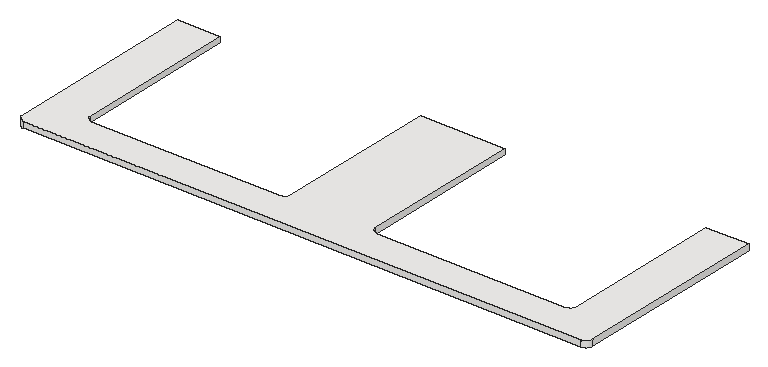
Revit family "console with 2 cutouts for countertop basin ground", category Furniture, Revit 2019
Family settings
  OmniClass Number = 23.19.31.17.11
  Work Plane-Based = No
  Always vertical = No
  Cut with Voids When Loaded = No
  Shared = Yes
  Room Calculation Point = No
Parameters (values of type "Console 1560_550 with 2 cutouts for countertop basin ground 600_480-54112050-GLOSSY_WHITE-400")
  WEIGHT = "8.8"
  UNSPSC = "56 | Furniture and Furnishings"
  UNIFORMATII = "E2010 | Fixed Furnishings"
  UNICLASS2015 = "Pr_40_20_76_94 | Vanity units"
  SURFACE = "GLOSSY_WHITE"
  SPECIFICATION = "Surfaces:    - 54112050 High Gloss White  - 54112910 Diamond Matt Grey  - 54112230 Natural Oak  - 54112630 Dark Walnut      Specification:"
  REGIONSET = "Worldwide"
  PRODUCTURL = "https://pro.hansgrohe.com/articledetail--54112050"
  PRODUCTGROUP = "console"
  PRODUCTFAMILY = "Xelu Q"
  PERMALINK = "54112XXX"
  OMNICLASS = "23-19 31 17 11 | Bathroom Units"
  OBJECTTYPE = "Object (single object)"
  NN = "Console with 2 cutouts for countertop basin ground"
  NBSYN = "$BASENUMBER.-$ARTNR.-$SURFACE.-$LODLEVEL."
  NB = "Console 1560/550 with 2 cutouts for countertop basin ground 600/480-54112050-GLOSSY_WHITE-400"
  NAME = "Xelu Q Console 1560/550 with 2 cutouts for countertop basin ground 600/480"
  Model = "Console 1560/550 with 2 cutouts for countertop basin ground 600/480-54112050-GLOSSY_WHITE-400"
  Manufacturer = "Hansgrohe"
  MIdent = "{$CADENAS_DATA/23d-libs/hansgrohe/xelu_furniture/console_with_cutout_for_countertop_basin_ground/console_with_2_cutout_countertop_basinground.prj},378 {VTYP=3D},{NB=Console 1560/550 with 2 cutouts for countertop basin ground 600/480-54112050-GLOSSY_WHITE-400},{LINA=Console 1560/550 with 2 cutouts for countertop basin ground 600/480-54112050-GLOSSY_WHITE-400},{NN=Console with 2 cutouts for countertop basin ground},{DATE=10.03.2023 08:11:45},{GEOMDATE=08.03.2023 13:23:55},{VERSION=},{LINEID=60},{WBVAR=LODLEVEL},{WBNUMERIC=}  {NB=Console 1560/550 with 2 cutouts for countertop basin ground 600/480-54112050-GLOSSY_WHITE-400},{LINA=Console 1560/550 with 2 cutouts for countertop basin ground 600/480-54112050-GLOSSY_WHITE-400},{KT=DUMMY},{IDNR=6},{ARTNR=54112050},{BASENUMBER=Console 1560/550 with 2 cutouts for countertop basin ground 600/480},{MODEL=54112XXX},{SURFACE=GLOSSY_WHITE},{L=1560},{LODLEVEL=400},{LODLEVELX='400','400','200','200'},{L1=550},{LC=115},{NAME=Xelu Q Console 1560/550 with 2 cutouts for countertop basin ground 600/480},{PERMALINK=54112XXX},{OBJECTTYPE=Object (single object)},{BIMOBJECT=Region Set},{PRODUCTFAMILY=Xelu Q},{PRODUCTGROUP=console},{WEIGHT=8.8},{DESCRIPTION=Xelu Q Console 1560/550 with 2 cutouts for countertop basin ground 600/480},{SPECIFICATION=Surfaces:    - 54112050 High Gloss White  - 54112910 Diamond Matt Grey  - 54112230 Natural Oak  - 54112630 Dark Walnut      Specification:},{PRODUCTURL=https://pro.hansgrohe.com/articledetail--54112050},{GTINCODE=4059625457573},{TENDERURL=},{IFC=Furnishing element},{ETIM=EC011381 | Bathroom furniture set},{UNICLASS2015=Pr_40_20_76_94 | Vanity units},{OMNICLASS=23-19 31 17 11 | Bathroom Units},{MASTERFORMAT=12 35 30.23 | Bathroom Casework},{UNSPSC=56 | Furniture and Furnishings},{UNIFORMATII=E2010 | Fixed Furnishings},{REGIONSET=Worldwide},{DESIGN=Germany},{MANUFACTURER=Germany}"
  MASTERFORMAT = "12 35 30.23 | Bathroom Casework"
  LODLEVEL = "400"
  LINA = "Console 1560/550 with 2 cutouts for countertop basin ground 600/480-54112050-GLOSSY_WHITE-400"
  LC = 115
  L1 = 550
  L = 1560
  IFC = "Furnishing element"
  GTINCODE = "4059625457573"
  ETIM = "EC011381 | Bathroom furniture set"
  DESIGN = "Germany"
  Console 1560_550 with 2 cutouts for countertop basin ground 600_480-54112910-DIAMOND_GREY-400_RX0RY0RZ0TX0TY0TZ0_V = no
  Console 1560_550 with 2 cutouts for countertop basin ground 600_480-54112910-DIAMOND_GREY-200_RX0RY0RZ0TX0TY0TZ0_V = no
  Console 1560_550 with 2 cutouts for countertop basin ground 600_480-54112630-DARK_WALNUT-400_RX0RY0RZ0TX0TY0TZ0_V = no
  Console 1560_550 with 2 cutouts for countertop basin ground 600_480-54112630-DARK_WALNUT-200_RX0RY0RZ0TX0TY0TZ0_V = no
  Console 1560_550 with 2 cutouts for countertop basin ground 600_480-54112230-NATURAL_OAK-400_RX0RY0RZ0TX0TY0TZ0_V = no
  Console 1560_550 with 2 cutouts for countertop basin ground 600_480-54112230-NATURAL_OAK-200_RX0RY0RZ0TX0TY0TZ0_V = no
  Console 1560_550 with 2 cutouts for countertop basin ground 600_480-54112050-GLOSSY_WHITE-400_RX0RY0RZ0TX0TY0TZ0_V = yes
  Console 1560_550 with 2 cutouts for countertop basin ground 600_480-54112050-GLOSSY_WHITE-200_RX0RY0RZ0TX0TY0TZ0_V = no
  Console 1360_550 with 2 cutouts for countertop basin ground 500_480-54099910-DIAMOND_GREY-400_RX0RY0RZ0TX0TY0TZ0_V = no
  Console 1360_550 with 2 cutouts for countertop basin ground 500_480-54099910-DIAMOND_GREY-200_RX0RY0RZ0TX0TY0TZ0_V = no
  Console 1360_550 with 2 cutouts for countertop basin ground 500_480-54099630-DARK_WALNUT-400_RX0RY0RZ0TX0TY0TZ0_V = no
  Console 1360_550 with 2 cutouts for countertop basin ground 500_480-54099630-DARK_WALNUT-200_RX0RY0RZ0TX0TY0TZ0_V = no
  Console 1360_550 with 2 cutouts for countertop basin ground 500_480-54099230-NATURAL_OAK-400_RX0RY0RZ0TX0TY0TZ0_V = no
  Console 1360_550 with 2 cutouts for countertop basin ground 500_480-54099230-NATURAL_OAK-200_RX0RY0RZ0TX0TY0TZ0_V = no
  Console 1360_550 with 2 cutouts for countertop basin ground 500_480-54099050-GLOSSY_WHITE-400_RX0RY0RZ0TX0TY0TZ0_V = no
  Console 1360_550 with 2 cutouts for countertop basin ground 500_480-54099050-GLOSSY_WHITE-200_RX0RY0RZ0TX0TY0TZ0_V = no
  CATALOG = "Hansgrohe"
  BIMOBJECT = "Region Set"
  BASENUMBER = "Console 1560/550 with 2 cutouts for countertop basin ground 600/480"
  ARTNR = "54112050"
Reference planes
  plane 1 "Center (Front/Back)": y = 0
  plane 2: z = 0
  plane 3 "Center (Left/Right)": x = 0
Dimensions and locks
  aligned and locked: level to plane 2
Nested families
  nested 1: "console 1360_550 with 2 cutouts for countertop basin ground 500_480-54099050-glossy_white-200_content" at (0, 0, 0), visible <- "Console 1360_550 with 2 cutouts for countertop basin ground 500_480-54099050-GLOSSY_WHITE-200_RX0RY0RZ0TX0TY0TZ0_V", ContentVisible <- "Console 1360_550 with 2 cutouts for countertop basin ground 500_480-54099050-GLOSSY_WHITE-200_RX0RY0RZ0TX0TY0TZ0_V", type "Console 1360_550 with 2 cutouts for countertop basin ground 500_480-54099050-GLOSSY_WHITE-200_Content"
    with ContentVisible no
  nested 2: "console 1360_550 with 2 cutouts for countertop basin ground 500_480-54099050-glossy_white-400_content" at (0, 0, 0), visible <- "Console 1360_550 with 2 cutouts for countertop basin ground 500_480-54099050-GLOSSY_WHITE-400_RX0RY0RZ0TX0TY0TZ0_V", ContentVisible <- "Console 1360_550 with 2 cutouts for countertop basin ground 500_480-54099050-GLOSSY_WHITE-400_RX0RY0RZ0TX0TY0TZ0_V", type "Console 1360_550 with 2 cutouts for countertop basin ground 500_480-54099050-GLOSSY_WHITE-400_Content"
    with ContentVisible no
  nested 3: "console 1360_550 with 2 cutouts for countertop basin ground 500_480-54099230-natural_oak-200_content" at (0, 0, 0), visible <- "Console 1360_550 with 2 cutouts for countertop basin ground 500_480-54099230-NATURAL_OAK-200_RX0RY0RZ0TX0TY0TZ0_V", ContentVisible <- "Console 1360_550 with 2 cutouts for countertop basin ground 500_480-54099230-NATURAL_OAK-200_RX0RY0RZ0TX0TY0TZ0_V", type "Console 1360_550 with 2 cutouts for countertop basin ground 500_480-54099230-NATURAL_OAK-200_Content"
    with ContentVisible no
  nested 4: "console 1360_550 with 2 cutouts for countertop basin ground 500_480-54099230-natural_oak-400_content" at (0, 0, 0), visible <- "Console 1360_550 with 2 cutouts for countertop basin ground 500_480-54099230-NATURAL_OAK-400_RX0RY0RZ0TX0TY0TZ0_V", ContentVisible <- "Console 1360_550 with 2 cutouts for countertop basin ground 500_480-54099230-NATURAL_OAK-400_RX0RY0RZ0TX0TY0TZ0_V", type "Console 1360_550 with 2 cutouts for countertop basin ground 500_480-54099230-NATURAL_OAK-400_Content"
    with ContentVisible no
  nested 5: "console 1360_550 with 2 cutouts for countertop basin ground 500_480-54099630-dark_walnut-200_content" at (0, 0, 0), visible <- "Console 1360_550 with 2 cutouts for countertop basin ground 500_480-54099630-DARK_WALNUT-200_RX0RY0RZ0TX0TY0TZ0_V", ContentVisible <- "Console 1360_550 with 2 cutouts for countertop basin ground 500_480-54099630-DARK_WALNUT-200_RX0RY0RZ0TX0TY0TZ0_V", type "Console 1360_550 with 2 cutouts for countertop basin ground 500_480-54099630-DARK_WALNUT-200_Content"
    with ContentVisible no
  nested 6: "console 1360_550 with 2 cutouts for countertop basin ground 500_480-54099630-dark_walnut-400_content" at (0, 0, 0), visible <- "Console 1360_550 with 2 cutouts for countertop basin ground 500_480-54099630-DARK_WALNUT-400_RX0RY0RZ0TX0TY0TZ0_V", ContentVisible <- "Console 1360_550 with 2 cutouts for countertop basin ground 500_480-54099630-DARK_WALNUT-400_RX0RY0RZ0TX0TY0TZ0_V", type "Console 1360_550 with 2 cutouts for countertop basin ground 500_480-54099630-DARK_WALNUT-400_Content"
    with ContentVisible no
  nested 7: "console 1360_550 with 2 cutouts for countertop basin ground 500_480-54099910-diamond_grey-200_content" at (0, 0, 0), visible <- "Console 1360_550 with 2 cutouts for countertop basin ground 500_480-54099910-DIAMOND_GREY-200_RX0RY0RZ0TX0TY0TZ0_V", ContentVisible <- "Console 1360_550 with 2 cutouts for countertop basin ground 500_480-54099910-DIAMOND_GREY-200_RX0RY0RZ0TX0TY0TZ0_V", type "Console 1360_550 with 2 cutouts for countertop basin ground 500_480-54099910-DIAMOND_GREY-200_Content"
    with ContentVisible no
  nested 8: "console 1360_550 with 2 cutouts for countertop basin ground 500_480-54099910-diamond_grey-400_content" at (0, 0, 0), visible <- "Console 1360_550 with 2 cutouts for countertop basin ground 500_480-54099910-DIAMOND_GREY-400_RX0RY0RZ0TX0TY0TZ0_V", ContentVisible <- "Console 1360_550 with 2 cutouts for countertop basin ground 500_480-54099910-DIAMOND_GREY-400_RX0RY0RZ0TX0TY0TZ0_V", type "Console 1360_550 with 2 cutouts for countertop basin ground 500_480-54099910-DIAMOND_GREY-400_Content"
    with ContentVisible no
  nested 9: "console 1560_550 with 2 cutouts for countertop basin ground 600_480-54112050-glossy_white-200_content" at (0, 0, 0), visible <- "Console 1560_550 with 2 cutouts for countertop basin ground 600_480-54112050-GLOSSY_WHITE-200_RX0RY0RZ0TX0TY0TZ0_V", ContentVisible <- "Console 1560_550 with 2 cutouts for countertop basin ground 600_480-54112050-GLOSSY_WHITE-200_RX0RY0RZ0TX0TY0TZ0_V", type "Console 1560_550 with 2 cutouts for countertop basin ground 600_480-54112050-GLOSSY_WHITE-200_Content"
    with ContentVisible no
  nested 10: "console 1560_550 with 2 cutouts for countertop basin ground 600_480-54112050-glossy_white-400_content" at (0, 0, 0), visible <- "Console 1560_550 with 2 cutouts for countertop basin ground 600_480-54112050-GLOSSY_WHITE-400_RX0RY0RZ0TX0TY0TZ0_V", ContentVisible <- "Console 1560_550 with 2 cutouts for countertop basin ground 600_480-54112050-GLOSSY_WHITE-400_RX0RY0RZ0TX0TY0TZ0_V", type "Console 1560_550 with 2 cutouts for countertop basin ground 600_480-54112050-GLOSSY_WHITE-400_Content"
    with ContentVisible yes
  nested 11: "console 1560_550 with 2 cutouts for countertop basin ground 600_480-54112230-natural_oak-200_content" at (0, 0, 0), visible <- "Console 1560_550 with 2 cutouts for countertop basin ground 600_480-54112230-NATURAL_OAK-200_RX0RY0RZ0TX0TY0TZ0_V", ContentVisible <- "Console 1560_550 with 2 cutouts for countertop basin ground 600_480-54112230-NATURAL_OAK-200_RX0RY0RZ0TX0TY0TZ0_V", type "Console 1560_550 with 2 cutouts for countertop basin ground 600_480-54112230-NATURAL_OAK-200_Content"
    with ContentVisible no
  nested 12: "console 1560_550 with 2 cutouts for countertop basin ground 600_480-54112230-natural_oak-400_content" at (0, 0, 0), visible <- "Console 1560_550 with 2 cutouts for countertop basin ground 600_480-54112230-NATURAL_OAK-400_RX0RY0RZ0TX0TY0TZ0_V", ContentVisible <- "Console 1560_550 with 2 cutouts for countertop basin ground 600_480-54112230-NATURAL_OAK-400_RX0RY0RZ0TX0TY0TZ0_V", type "Console 1560_550 with 2 cutouts for countertop basin ground 600_480-54112230-NATURAL_OAK-400_Content"
    with ContentVisible no
  nested 13: "console 1560_550 with 2 cutouts for countertop basin ground 600_480-54112630-dark_walnut-200_content" at (0, 0, 0), visible <- "Console 1560_550 with 2 cutouts for countertop basin ground 600_480-54112630-DARK_WALNUT-200_RX0RY0RZ0TX0TY0TZ0_V", ContentVisible <- "Console 1560_550 with 2 cutouts for countertop basin ground 600_480-54112630-DARK_WALNUT-200_RX0RY0RZ0TX0TY0TZ0_V", type "Console 1560_550 with 2 cutouts for countertop basin ground 600_480-54112630-DARK_WALNUT-200_Content"
    with ContentVisible no
  nested 14: "console 1560_550 with 2 cutouts for countertop basin ground 600_480-54112630-dark_walnut-400_content" at (0, 0, 0), visible <- "Console 1560_550 with 2 cutouts for countertop basin ground 600_480-54112630-DARK_WALNUT-400_RX0RY0RZ0TX0TY0TZ0_V", ContentVisible <- "Console 1560_550 with 2 cutouts for countertop basin ground 600_480-54112630-DARK_WALNUT-400_RX0RY0RZ0TX0TY0TZ0_V", type "Console 1560_550 with 2 cutouts for countertop basin ground 600_480-54112630-DARK_WALNUT-400_Content"
    with ContentVisible no
  nested 15: "console 1560_550 with 2 cutouts for countertop basin ground 600_480-54112910-diamond_grey-200_content" at (0, 0, 0), visible <- "Console 1560_550 with 2 cutouts for countertop basin ground 600_480-54112910-DIAMOND_GREY-200_RX0RY0RZ0TX0TY0TZ0_V", ContentVisible <- "Console 1560_550 with 2 cutouts for countertop basin ground 600_480-54112910-DIAMOND_GREY-200_RX0RY0RZ0TX0TY0TZ0_V", type "Console 1560_550 with 2 cutouts for countertop basin ground 600_480-54112910-DIAMOND_GREY-200_Content"
    with ContentVisible no
  nested 16: "console 1560_550 with 2 cutouts for countertop basin ground 600_480-54112910-diamond_grey-400_content" at (0, 0, 0), visible <- "Console 1560_550 with 2 cutouts for countertop basin ground 600_480-54112910-DIAMOND_GREY-400_RX0RY0RZ0TX0TY0TZ0_V", ContentVisible <- "Console 1560_550 with 2 cutouts for countertop basin ground 600_480-54112910-DIAMOND_GREY-400_RX0RY0RZ0TX0TY0TZ0_V", type "Console 1560_550 with 2 cutouts for countertop basin ground 600_480-54112910-DIAMOND_GREY-400_Content"
    with ContentVisible no
Definition of nested family "console 1560_550 with 2 cutouts for countertop basin ground 600_480-54112050-glossy_white-400_content"
  Parameters (values of type "Console 1560_550 with 2 cutouts for countertop basin ground 600_480-54112050-GLOSSY_WHITE-400_Content")
    WEIGHT = "8.8"
    UNSPSC = "56 | Furniture and Furnishings"
    UNIFORMATII = "E2010 | Fixed Furnishings"
    UNICLASS2015 = "Pr_40_20_76_94 | Vanity units"
    SURFACE = "GLOSSY_WHITE"
    SPECIFICATION = "Surfaces:    - 54112050 High Gloss White  - 54112910 Diamond Matt Grey  - 54112230 Natural Oak  - 54112630 Dark Walnut      Specification:"
    REGIONSET = "Worldwide"
    PRODUCTURL = "https://pro.hansgrohe.com/articledetail--54112050"
    PRODUCTGROUP = "console"
    PRODUCTFAMILY = "Xelu Q"
    PERMALINK = "54112XXX"
    OMNICLASS = "23-19 31 17 11 | Bathroom Units"
    OBJECTTYPE = "Object (single object)"
    NN = "Console with 2 cutouts for countertop basin ground"
    NBSYN = "$BASENUMBER.-$ARTNR.-$SURFACE.-$LODLEVEL."
    NB = "Console 1560/550 with 2 cutouts for countertop basin ground 600/480-54112050-GLOSSY_WHITE-400"
    NAME = "Xelu Q Console 1560/550 with 2 cutouts for countertop basin ground 600/480"
    Model = "Console 1560/550 with 2 cutouts for countertop basin ground 600/480-54112050-GLOSSY_WHITE-400"
    Manufacturer = "Hansgrohe"
    MASTERFORMAT = "12 35 30.23 | Bathroom Casework"
    LODLEVEL = "400"
    LINA = "Console 1560/550 with 2 cutouts for countertop basin ground 600/480-54112050-GLOSSY_WHITE-400"
    LC = 115
    L1 = 550
    L = 1560
    IFC = "Furnishing element"
    GTINCODE = "4059625457573"
    ETIM = "EC011381 | Bathroom furniture set"
    Default Elevation = 1219.2 mm
    DESIGN = "Germany"
    ContentVisible [instance] = yes
    CATALOG = "Hansgrohe"
    BIMOBJECT = "Region Set"
    BASENUMBER = "Console 1560/550 with 2 cutouts for countertop basin ground 600/480"
    ARTNR = "54112050"
  Reference planes
    plane 1 "Center (Front/Back)": y = 0
    plane 2: z = 0
    plane 3 "Center (Left/Right)": x = 0
  Forms (mm)
    Extrusion 1, solid, visible <- "ContentVisible", detail levels medium+fine
      sketch origin (0, 0, 0) x (1, 0, 0) y (0, 1, 0)
        loop
          line (-780, 0) -> (-780, -532)
          arc (-780, -532) -> (-774.728, -544.728) -> (-762, -550) r 18
          line (-762, -550) -> (762, -550)
          arc (762, -550) -> (774.728, -544.728) -> (780, -532) r 18
          line (780, -532) -> (780, 0) -> (665, 0) -> (665, -444)
          arc (665, -444) -> (660.314, -455.314) -> (649, -460) r 16
          line (649, -460) -> (131, -460)
          arc (131, -460) -> (119.686, -455.314) -> (115, -444) r 16
          line (115, -444) -> (115, 0) -> (-115, 0) -> (-115, -444)
          arc (-115, -444) -> (-119.686, -455.314) -> (-131, -460) r 16
          line (-131, -460) -> (-649, -460)
          arc (-649, -460) -> (-660.314, -455.314) -> (-665, -444) r 16
          line (-665, -444) -> (-665, 0) -> (-780, 0)
      from 0 to 16
    Extrusion 2, solid, visible <- "ContentVisible", detail levels coarse
      sketch origin (0, -275, 0) x (1, 0, 0) y (0, 1, 0)
        loop
          line (-780, -275) -> (780, -275) -> (780, 275) -> (-780, 275) -> (-780, -275)
      from 0 to 16
  Dimensions and locks
    aligned and locked: level to plane 2
Definition of nested family "console 1360_550 with 2 cutouts for countertop basin ground 500_480-54099050-glossy_white-200_content"
  Parameters (values of type "Console 1360_550 with 2 cutouts for countertop basin ground 500_480-54099050-GLOSSY_WHITE-200_Content")
    WEIGHT = "7.5"
    UNSPSC = "56 | Furniture and Furnishings"
    UNIFORMATII = "E2010 | Fixed Furnishings"
    UNICLASS2015 = "Pr_40_20_76_94 | Vanity units"
    SURFACE = "GLOSSY_WHITE"
    SPECIFICATION = "Surfaces:    - 54099050 High Gloss White  - 54099910 Diamond Matt Grey  - 54099230 Natural Oak  - 54099630 Dark Walnut      Specification:"
    REGIONSET = "Worldwide"
    PRODUCTURL = "https://pro.hansgrohe.com/articledetail--54099050"
    PRODUCTGROUP = "console"
    PRODUCTFAMILY = "Xelu Q"
    PERMALINK = "54099XXX"
    OMNICLASS = "23-19 31 17 11 | Bathroom Units"
    OBJECTTYPE = "Object (single object)"
    NN = "Console with 2 cutouts for countertop basin ground"
    NBSYN = "$BASENUMBER.-$ARTNR.-$SURFACE.-$LODLEVEL."
    NB = "Console 1360/550 with 2 cutouts for countertop basin ground 500/480-54099050-GLOSSY_WHITE-200"
    NAME = "Xelu Q Console 1360/550 with 2 cutouts for countertop basin ground 500/480"
    Model = "Console 1360/550 with 2 cutouts for countertop basin ground 500/480-54099050-GLOSSY_WHITE-200"
    Manufacturer = "Hansgrohe"
    MASTERFORMAT = "12 35 30.23 | Bathroom Casework"
    LODLEVEL = "200"
    LINA = "Console 1360/550 with 2 cutouts for countertop basin ground 500/480-54099050-GLOSSY_WHITE-200"
    LC = 115
    L1 = 450
    L = 1360
    IFC = "Furnishing element"
    GTINCODE = "4059625457337"
    ETIM = "EC011381 | Bathroom furniture set"
    Default Elevation = 1219.2 mm
    DESIGN = "Germany"
    ContentVisible [instance] = yes
    CATALOG = "Hansgrohe"
    BIMOBJECT = "Region Set"
    BASENUMBER = "Console 1360/550 with 2 cutouts for countertop basin ground 500/480"
    ARTNR = "54099050"
  Reference planes
    plane 1 "Center (Front/Back)": y = 0
    plane 2: z = 0
    plane 3 "Center (Left/Right)": x = 0
  Forms (mm)
    Extrusion 1, solid, visible <- "ContentVisible", detail levels medium+fine
      sketch origin (0, 0, 0) x (1, 0, 0) y (0, 1, 0)
        loop
          line (-680, 0) -> (-680, -550) -> (680, -550) -> (680, 0) -> (565, 0) -> (565, -460) -> (115, -460) -> (115, 0) -> (-115, 0) -> (-115, -460) -> (-565, -460) -> (-565, 0) -> (-680, 0)
      from 0 to 16
    Extrusion 2, solid, visible <- "ContentVisible", detail levels coarse
      sketch origin (0, -275, 0) x (1, 0, 0) y (0, 1, 0)
        loop
          line (-680, -275) -> (680, -275) -> (680, 275) -> (-680, 275) -> (-680, -275)
      from 0 to 16
  Dimensions and locks
    aligned and locked: level to plane 2
Definition of nested family "console 1360_550 with 2 cutouts for countertop basin ground 500_480-54099050-glossy_white-400_content"
  Parameters (values of type "Console 1360_550 with 2 cutouts for countertop basin ground 500_480-54099050-GLOSSY_WHITE-400_Content")
    WEIGHT = "7.5"
    UNSPSC = "56 | Furniture and Furnishings"
    UNIFORMATII = "E2010 | Fixed Furnishings"
    UNICLASS2015 = "Pr_40_20_76_94 | Vanity units"
    SURFACE = "GLOSSY_WHITE"
    SPECIFICATION = "Surfaces:    - 54099050 High Gloss White  - 54099910 Diamond Matt Grey  - 54099230 Natural Oak  - 54099630 Dark Walnut      Specification:"
    REGIONSET = "Worldwide"
    PRODUCTURL = "https://pro.hansgrohe.com/articledetail--54099050"
    PRODUCTGROUP = "console"
    PRODUCTFAMILY = "Xelu Q"
    PERMALINK = "54099XXX"
    OMNICLASS = "23-19 31 17 11 | Bathroom Units"
    OBJECTTYPE = "Object (single object)"
    NN = "Console with 2 cutouts for countertop basin ground"
    NBSYN = "$BASENUMBER.-$ARTNR.-$SURFACE.-$LODLEVEL."
    NB = "Console 1360/550 with 2 cutouts for countertop basin ground 500/480-54099050-GLOSSY_WHITE-400"
    NAME = "Xelu Q Console 1360/550 with 2 cutouts for countertop basin ground 500/480"
    Model = "Console 1360/550 with 2 cutouts for countertop basin ground 500/480-54099050-GLOSSY_WHITE-400"
    Manufacturer = "Hansgrohe"
    MASTERFORMAT = "12 35 30.23 | Bathroom Casework"
    LODLEVEL = "400"
    LINA = "Console 1360/550 with 2 cutouts for countertop basin ground 500/480-54099050-GLOSSY_WHITE-400"
    LC = 115
    L1 = 450
    L = 1360
    IFC = "Furnishing element"
    GTINCODE = "4059625457337"
    ETIM = "EC011381 | Bathroom furniture set"
    Default Elevation = 1219.2 mm
    DESIGN = "Germany"
    ContentVisible [instance] = yes
    CATALOG = "Hansgrohe"
    BIMOBJECT = "Region Set"
    BASENUMBER = "Console 1360/550 with 2 cutouts for countertop basin ground 500/480"
    ARTNR = "54099050"
  Reference planes
    plane 1 "Center (Front/Back)": y = 0
    plane 2: z = 0
    plane 3 "Center (Left/Right)": x = 0
  Forms (mm)
    Extrusion 1, solid, visible <- "ContentVisible", detail levels medium+fine
      sketch origin (0, 0, 0) x (1, 0, 0) y (0, 1, 0)
        loop
          line (-680, 0) -> (-680, -532)
          arc (-680, -532) -> (-674.728, -544.728) -> (-662, -550) r 18
          line (-662, -550) -> (662, -550)
          arc (662, -550) -> (674.728, -544.728) -> (680, -532) r 18
          line (680, -532) -> (680, 0) -> (565, 0) -> (565, -444)
          arc (565, -444) -> (560.314, -455.314) -> (549, -460) r 16
          line (549, -460) -> (131, -460)
          arc (131, -460) -> (119.686, -455.314) -> (115, -444) r 16
          line (115, -444) -> (115, 0) -> (-115, 0) -> (-115, -444)
          arc (-115, -444) -> (-119.686, -455.314) -> (-131, -460) r 16
          line (-131, -460) -> (-549, -460)
          arc (-549, -460) -> (-560.314, -455.314) -> (-565, -444) r 16
          line (-565, -444) -> (-565, 0) -> (-680, 0)
      from 0 to 16
    Extrusion 2, solid, visible <- "ContentVisible", detail levels coarse
      sketch origin (0, -275, 0) x (1, 0, 0) y (0, 1, 0)
        loop
          line (-680, -275) -> (680, -275) -> (680, 275) -> (-680, 275) -> (-680, -275)
      from 0 to 16
  Dimensions and locks
    aligned and locked: level to plane 2
Definition of nested family "console 1360_550 with 2 cutouts for countertop basin ground 500_480-54099230-natural_oak-200_content"
  Parameters (values of type "Console 1360_550 with 2 cutouts for countertop basin ground 500_480-54099230-NATURAL_OAK-200_Content")
    WEIGHT = "7.5"
    UNSPSC = "56 | Furniture and Furnishings"
    UNIFORMATII = "E2010 | Fixed Furnishings"
    UNICLASS2015 = "Pr_40_20_76_94 | Vanity units"
    SURFACE = "NATURAL_OAK"
    SPECIFICATION = "Surfaces:    - 54099050 High Gloss White  - 54099910 Diamond Matt Grey  - 54099230 Natural Oak  - 54099630 Dark Walnut      Specification:"
    REGIONSET = "Worldwide"
    PRODUCTURL = "https://pro.hansgrohe.com/articledetail--54099050"
    PRODUCTGROUP = "console"
    PRODUCTFAMILY = "Xelu Q"
    PERMALINK = "54099XXX"
    OMNICLASS = "23-19 31 17 11 | Bathroom Units"
    OBJECTTYPE = "Object (single object)"
    NN = "Console with 2 cutouts for countertop basin ground"
    NBSYN = "$BASENUMBER.-$ARTNR.-$SURFACE.-$LODLEVEL."
    NB = "Console 1360/550 with 2 cutouts for countertop basin ground 500/480-54099230-NATURAL_OAK-200"
    NAME = "Xelu Q Console 1360/550 with 2 cutouts for countertop basin ground 500/480"
    Model = "Console 1360/550 with 2 cutouts for countertop basin ground 500/480-54099230-NATURAL_OAK-200"
    Manufacturer = "Hansgrohe"
    MASTERFORMAT = "12 35 30.23 | Bathroom Casework"
    LODLEVEL = "200"
    LINA = "Console 1360/550 with 2 cutouts for countertop basin ground 500/480-54099230-NATURAL_OAK-200"
    LC = 115
    L1 = 450
    L = 1360
    IFC = "Furnishing element"
    GTINCODE = "4059625457337"
    ETIM = "EC011381 | Bathroom furniture set"
    Default Elevation = 1219.2 mm
    DESIGN = "Germany"
    ContentVisible [instance] = yes
    CATALOG = "Hansgrohe"
    BIMOBJECT = "Region Set"
    BASENUMBER = "Console 1360/550 with 2 cutouts for countertop basin ground 500/480"
    ARTNR = "54099230"
  Reference planes
    plane 1 "Center (Front/Back)": y = 0
    plane 2: z = 0
    plane 3 "Center (Left/Right)": x = 0
  Forms (mm)
    Extrusion 1, solid, visible <- "ContentVisible", detail levels medium+fine
      sketch origin (0, 0, 0) x (1, 0, 0) y (0, 1, 0)
        loop
          line (-680, 0) -> (-680, -550) -> (680, -550) -> (680, 0) -> (565, 0) -> (565, -460) -> (115, -460) -> (115, 0) -> (-115, 0) -> (-115, -460) -> (-565, -460) -> (-565, 0) -> (-680, 0)
      from 0 to 16
    Extrusion 2, solid, visible <- "ContentVisible", detail levels coarse
      sketch origin (0, -275, 0) x (1, 0, 0) y (0, 1, 0)
        loop
          line (-680, -275) -> (680, -275) -> (680, 275) -> (-680, 275) -> (-680, -275)
      from 0 to 16
  Dimensions and locks
    aligned and locked: level to plane 2
Definition of nested family "console 1360_550 with 2 cutouts for countertop basin ground 500_480-54099230-natural_oak-400_content"
  Parameters (values of type "Console 1360_550 with 2 cutouts for countertop basin ground 500_480-54099230-NATURAL_OAK-400_Content")
    WEIGHT = "7.5"
    UNSPSC = "56 | Furniture and Furnishings"
    UNIFORMATII = "E2010 | Fixed Furnishings"
    UNICLASS2015 = "Pr_40_20_76_94 | Vanity units"
    SURFACE = "NATURAL_OAK"
    SPECIFICATION = "Surfaces:    - 54099050 High Gloss White  - 54099910 Diamond Matt Grey  - 54099230 Natural Oak  - 54099630 Dark Walnut      Specification:"
    REGIONSET = "Worldwide"
    PRODUCTURL = "https://pro.hansgrohe.com/articledetail--54099050"
    PRODUCTGROUP = "console"
    PRODUCTFAMILY = "Xelu Q"
    PERMALINK = "54099XXX"
    OMNICLASS = "23-19 31 17 11 | Bathroom Units"
    OBJECTTYPE = "Object (single object)"
    NN = "Console with 2 cutouts for countertop basin ground"
    NBSYN = "$BASENUMBER.-$ARTNR.-$SURFACE.-$LODLEVEL."
    NB = "Console 1360/550 with 2 cutouts for countertop basin ground 500/480-54099230-NATURAL_OAK-400"
    NAME = "Xelu Q Console 1360/550 with 2 cutouts for countertop basin ground 500/480"
    Model = "Console 1360/550 with 2 cutouts for countertop basin ground 500/480-54099230-NATURAL_OAK-400"
    Manufacturer = "Hansgrohe"
    MASTERFORMAT = "12 35 30.23 | Bathroom Casework"
    LODLEVEL = "400"
    LINA = "Console 1360/550 with 2 cutouts for countertop basin ground 500/480-54099230-NATURAL_OAK-400"
    LC = 115
    L1 = 450
    L = 1360
    IFC = "Furnishing element"
    GTINCODE = "4059625457337"
    ETIM = "EC011381 | Bathroom furniture set"
    Default Elevation = 1219.2 mm
    DESIGN = "Germany"
    ContentVisible [instance] = yes
    CATALOG = "Hansgrohe"
    BIMOBJECT = "Region Set"
    BASENUMBER = "Console 1360/550 with 2 cutouts for countertop basin ground 500/480"
    ARTNR = "54099230"
  Reference planes
    plane 1 "Center (Front/Back)": y = 0
    plane 2: z = 0
    plane 3 "Center (Left/Right)": x = 0
  Forms (mm)
    Extrusion 1, solid, visible <- "ContentVisible", detail levels medium+fine
      sketch origin (0, 0, 0) x (1, 0, 0) y (0, 1, 0)
        loop
          line (-680, 0) -> (-680, -532)
          arc (-680, -532) -> (-674.728, -544.728) -> (-662, -550) r 18
          line (-662, -550) -> (662, -550)
          arc (662, -550) -> (674.728, -544.728) -> (680, -532) r 18
          line (680, -532) -> (680, 0) -> (565, 0) -> (565, -444)
          arc (565, -444) -> (560.314, -455.314) -> (549, -460) r 16
          line (549, -460) -> (131, -460)
          arc (131, -460) -> (119.686, -455.314) -> (115, -444) r 16
          line (115, -444) -> (115, 0) -> (-115, 0) -> (-115, -444)
          arc (-115, -444) -> (-119.686, -455.314) -> (-131, -460) r 16
          line (-131, -460) -> (-549, -460)
          arc (-549, -460) -> (-560.314, -455.314) -> (-565, -444) r 16
          line (-565, -444) -> (-565, 0) -> (-680, 0)
      from 0 to 16
    Extrusion 2, solid, visible <- "ContentVisible", detail levels coarse
      sketch origin (0, -275, 0) x (1, 0, 0) y (0, 1, 0)
        loop
          line (-680, -275) -> (680, -275) -> (680, 275) -> (-680, 275) -> (-680, -275)
      from 0 to 16
  Dimensions and locks
    aligned and locked: level to plane 2
Definition of nested family "console 1360_550 with 2 cutouts for countertop basin ground 500_480-54099630-dark_walnut-200_content"
  Parameters (values of type "Console 1360_550 with 2 cutouts for countertop basin ground 500_480-54099630-DARK_WALNUT-200_Content")
    WEIGHT = "7.5"
    UNSPSC = "56 | Furniture and Furnishings"
    UNIFORMATII = "E2010 | Fixed Furnishings"
    UNICLASS2015 = "Pr_40_20_76_94 | Vanity units"
    SURFACE = "DARK_WALNUT"
    SPECIFICATION = "Surfaces:    - 54099050 High Gloss White  - 54099910 Diamond Matt Grey  - 54099230 Natural Oak  - 54099630 Dark Walnut      Specification:"
    REGIONSET = "Worldwide"
    PRODUCTURL = "https://pro.hansgrohe.com/articledetail--54099050"
    PRODUCTGROUP = "console"
    PRODUCTFAMILY = "Xelu Q"
    PERMALINK = "54099XXX"
    OMNICLASS = "23-19 31 17 11 | Bathroom Units"
    OBJECTTYPE = "Object (single object)"
    NN = "Console with 2 cutouts for countertop basin ground"
    NBSYN = "$BASENUMBER.-$ARTNR.-$SURFACE.-$LODLEVEL."
    NB = "Console 1360/550 with 2 cutouts for countertop basin ground 500/480-54099630-DARK_WALNUT-200"
    NAME = "Xelu Q Console 1360/550 with 2 cutouts for countertop basin ground 500/480"
    Model = "Console 1360/550 with 2 cutouts for countertop basin ground 500/480-54099630-DARK_WALNUT-200"
    Manufacturer = "Hansgrohe"
    MASTERFORMAT = "12 35 30.23 | Bathroom Casework"
    LODLEVEL = "200"
    LINA = "Console 1360/550 with 2 cutouts for countertop basin ground 500/480-54099630-DARK_WALNUT-200"
    LC = 115
    L1 = 450
    L = 1360
    IFC = "Furnishing element"
    GTINCODE = "4059625457337"
    ETIM = "EC011381 | Bathroom furniture set"
    Default Elevation = 1219.2 mm
    DESIGN = "Germany"
    ContentVisible [instance] = yes
    CATALOG = "Hansgrohe"
    BIMOBJECT = "Region Set"
    BASENUMBER = "Console 1360/550 with 2 cutouts for countertop basin ground 500/480"
    ARTNR = "54099630"
  Reference planes
    plane 1 "Center (Front/Back)": y = 0
    plane 2: z = 0
    plane 3 "Center (Left/Right)": x = 0
  Forms (mm)
    Extrusion 1, solid, visible <- "ContentVisible", detail levels medium+fine
      sketch origin (0, 0, 0) x (1, 0, 0) y (0, 1, 0)
        loop
          line (-680, 0) -> (-680, -550) -> (680, -550) -> (680, 0) -> (565, 0) -> (565, -460) -> (115, -460) -> (115, 0) -> (-115, 0) -> (-115, -460) -> (-565, -460) -> (-565, 0) -> (-680, 0)
      from 0 to 16
    Extrusion 2, solid, visible <- "ContentVisible", detail levels coarse
      sketch origin (0, -275, 0) x (1, 0, 0) y (0, 1, 0)
        loop
          line (-680, -275) -> (680, -275) -> (680, 275) -> (-680, 275) -> (-680, -275)
      from 0 to 16
  Dimensions and locks
    aligned and locked: level to plane 2
Definition of nested family "console 1360_550 with 2 cutouts for countertop basin ground 500_480-54099630-dark_walnut-400_content"
  Parameters (values of type "Console 1360_550 with 2 cutouts for countertop basin ground 500_480-54099630-DARK_WALNUT-400_Content")
    WEIGHT = "7.5"
    UNSPSC = "56 | Furniture and Furnishings"
    UNIFORMATII = "E2010 | Fixed Furnishings"
    UNICLASS2015 = "Pr_40_20_76_94 | Vanity units"
    SURFACE = "DARK_WALNUT"
    SPECIFICATION = "Surfaces:    - 54099050 High Gloss White  - 54099910 Diamond Matt Grey  - 54099230 Natural Oak  - 54099630 Dark Walnut      Specification:"
    REGIONSET = "Worldwide"
    PRODUCTURL = "https://pro.hansgrohe.com/articledetail--54099050"
    PRODUCTGROUP = "console"
    PRODUCTFAMILY = "Xelu Q"
    PERMALINK = "54099XXX"
    OMNICLASS = "23-19 31 17 11 | Bathroom Units"
    OBJECTTYPE = "Object (single object)"
    NN = "Console with 2 cutouts for countertop basin ground"
    NBSYN = "$BASENUMBER.-$ARTNR.-$SURFACE.-$LODLEVEL."
    NB = "Console 1360/550 with 2 cutouts for countertop basin ground 500/480-54099630-DARK_WALNUT-400"
    NAME = "Xelu Q Console 1360/550 with 2 cutouts for countertop basin ground 500/480"
    Model = "Console 1360/550 with 2 cutouts for countertop basin ground 500/480-54099630-DARK_WALNUT-400"
    Manufacturer = "Hansgrohe"
    MASTERFORMAT = "12 35 30.23 | Bathroom Casework"
    LODLEVEL = "400"
    LINA = "Console 1360/550 with 2 cutouts for countertop basin ground 500/480-54099630-DARK_WALNUT-400"
    LC = 115
    L1 = 450
    L = 1360
    IFC = "Furnishing element"
    GTINCODE = "4059625457337"
    ETIM = "EC011381 | Bathroom furniture set"
    Default Elevation = 1219.2 mm
    DESIGN = "Germany"
    ContentVisible [instance] = yes
    CATALOG = "Hansgrohe"
    BIMOBJECT = "Region Set"
    BASENUMBER = "Console 1360/550 with 2 cutouts for countertop basin ground 500/480"
    ARTNR = "54099630"
  Reference planes
    plane 1 "Center (Front/Back)": y = 0
    plane 2: z = 0
    plane 3 "Center (Left/Right)": x = 0
  Forms (mm)
    Extrusion 1, solid, visible <- "ContentVisible", detail levels medium+fine
      sketch origin (0, 0, 0) x (1, 0, 0) y (0, 1, 0)
        loop
          line (-680, 0) -> (-680, -532)
          arc (-680, -532) -> (-674.728, -544.728) -> (-662, -550) r 18
          line (-662, -550) -> (662, -550)
          arc (662, -550) -> (674.728, -544.728) -> (680, -532) r 18
          line (680, -532) -> (680, 0) -> (565, 0) -> (565, -444)
          arc (565, -444) -> (560.314, -455.314) -> (549, -460) r 16
          line (549, -460) -> (131, -460)
          arc (131, -460) -> (119.686, -455.314) -> (115, -444) r 16
          line (115, -444) -> (115, 0) -> (-115, 0) -> (-115, -444)
          arc (-115, -444) -> (-119.686, -455.314) -> (-131, -460) r 16
          line (-131, -460) -> (-549, -460)
          arc (-549, -460) -> (-560.314, -455.314) -> (-565, -444) r 16
          line (-565, -444) -> (-565, 0) -> (-680, 0)
      from 0 to 16
    Extrusion 2, solid, visible <- "ContentVisible", detail levels coarse
      sketch origin (0, -275, 0) x (1, 0, 0) y (0, 1, 0)
        loop
          line (-680, -275) -> (680, -275) -> (680, 275) -> (-680, 275) -> (-680, -275)
      from 0 to 16
  Dimensions and locks
    aligned and locked: level to plane 2
Definition of nested family "console 1360_550 with 2 cutouts for countertop basin ground 500_480-54099910-diamond_grey-200_content"
  Parameters (values of type "Console 1360_550 with 2 cutouts for countertop basin ground 500_480-54099910-DIAMOND_GREY-200_Content")
    WEIGHT = "7.5"
    UNSPSC = "56 | Furniture and Furnishings"
    UNIFORMATII = "E2010 | Fixed Furnishings"
    UNICLASS2015 = "Pr_40_20_76_94 | Vanity units"
    SURFACE = "DIAMOND_GREY"
    SPECIFICATION = "Surfaces:    - 54099050 High Gloss White  - 54099910 Diamond Matt Grey  - 54099230 Natural Oak  - 54099630 Dark Walnut      Specification:"
    REGIONSET = "Worldwide"
    PRODUCTURL = "https://pro.hansgrohe.com/articledetail--54099050"
    PRODUCTGROUP = "console"
    PRODUCTFAMILY = "Xelu Q"
    PERMALINK = "54099XXX"
    OMNICLASS = "23-19 31 17 11 | Bathroom Units"
    OBJECTTYPE = "Object (single object)"
    NN = "Console with 2 cutouts for countertop basin ground"
    NBSYN = "$BASENUMBER.-$ARTNR.-$SURFACE.-$LODLEVEL."
    NB = "Console 1360/550 with 2 cutouts for countertop basin ground 500/480-54099910-DIAMOND_GREY-200"
    NAME = "Xelu Q Console 1360/550 with 2 cutouts for countertop basin ground 500/480"
    Model = "Console 1360/550 with 2 cutouts for countertop basin ground 500/480-54099910-DIAMOND_GREY-200"
    Manufacturer = "Hansgrohe"
    MASTERFORMAT = "12 35 30.23 | Bathroom Casework"
    LODLEVEL = "200"
    LINA = "Console 1360/550 with 2 cutouts for countertop basin ground 500/480-54099910-DIAMOND_GREY-200"
    LC = 115
    L1 = 450
    L = 1360
    IFC = "Furnishing element"
    GTINCODE = "4059625457337"
    ETIM = "EC011381 | Bathroom furniture set"
    Default Elevation = 1219.2 mm
    DESIGN = "Germany"
    ContentVisible [instance] = yes
    CATALOG = "Hansgrohe"
    BIMOBJECT = "Region Set"
    BASENUMBER = "Console 1360/550 with 2 cutouts for countertop basin ground 500/480"
    ARTNR = "54099910"
  Reference planes
    plane 1 "Center (Front/Back)": y = 0
    plane 2: z = 0
    plane 3 "Center (Left/Right)": x = 0
  Forms (mm)
    Extrusion 1, solid, visible <- "ContentVisible", detail levels medium+fine
      sketch origin (0, 0, 0) x (1, 0, 0) y (0, 1, 0)
        loop
          line (-680, 0) -> (-680, -550) -> (680, -550) -> (680, 0) -> (565, 0) -> (565, -460) -> (115, -460) -> (115, 0) -> (-115, 0) -> (-115, -460) -> (-565, -460) -> (-565, 0) -> (-680, 0)
      from 0 to 16
    Extrusion 2, solid, visible <- "ContentVisible", detail levels coarse
      sketch origin (0, -275, 0) x (1, 0, 0) y (0, 1, 0)
        loop
          line (-680, -275) -> (680, -275) -> (680, 275) -> (-680, 275) -> (-680, -275)
      from 0 to 16
  Dimensions and locks
    aligned and locked: level to plane 2
Definition of nested family "console 1360_550 with 2 cutouts for countertop basin ground 500_480-54099910-diamond_grey-400_content"
  Parameters (values of type "Console 1360_550 with 2 cutouts for countertop basin ground 500_480-54099910-DIAMOND_GREY-400_Content")
    WEIGHT = "7.5"
    UNSPSC = "56 | Furniture and Furnishings"
    UNIFORMATII = "E2010 | Fixed Furnishings"
    UNICLASS2015 = "Pr_40_20_76_94 | Vanity units"
    SURFACE = "DIAMOND_GREY"
    SPECIFICATION = "Surfaces:    - 54099050 High Gloss White  - 54099910 Diamond Matt Grey  - 54099230 Natural Oak  - 54099630 Dark Walnut      Specification:"
    REGIONSET = "Worldwide"
    PRODUCTURL = "https://pro.hansgrohe.com/articledetail--54099050"
    PRODUCTGROUP = "console"
    PRODUCTFAMILY = "Xelu Q"
    PERMALINK = "54099XXX"
    OMNICLASS = "23-19 31 17 11 | Bathroom Units"
    OBJECTTYPE = "Object (single object)"
    NN = "Console with 2 cutouts for countertop basin ground"
    NBSYN = "$BASENUMBER.-$ARTNR.-$SURFACE.-$LODLEVEL."
    NB = "Console 1360/550 with 2 cutouts for countertop basin ground 500/480-54099910-DIAMOND_GREY-400"
    NAME = "Xelu Q Console 1360/550 with 2 cutouts for countertop basin ground 500/480"
    Model = "Console 1360/550 with 2 cutouts for countertop basin ground 500/480-54099910-DIAMOND_GREY-400"
    Manufacturer = "Hansgrohe"
    MASTERFORMAT = "12 35 30.23 | Bathroom Casework"
    LODLEVEL = "400"
    LINA = "Console 1360/550 with 2 cutouts for countertop basin ground 500/480-54099910-DIAMOND_GREY-400"
    LC = 115
    L1 = 450
    L = 1360
    IFC = "Furnishing element"
    GTINCODE = "4059625457337"
    ETIM = "EC011381 | Bathroom furniture set"
    Default Elevation = 1219.2 mm
    DESIGN = "Germany"
    ContentVisible [instance] = yes
    CATALOG = "Hansgrohe"
    BIMOBJECT = "Region Set"
    BASENUMBER = "Console 1360/550 with 2 cutouts for countertop basin ground 500/480"
    ARTNR = "54099910"
  Reference planes
    plane 1 "Center (Front/Back)": y = 0
    plane 2: z = 0
    plane 3 "Center (Left/Right)": x = 0
  Forms (mm)
    Extrusion 1, solid, visible <- "ContentVisible", detail levels medium+fine
      sketch origin (0, 0, 0) x (1, 0, 0) y (0, 1, 0)
        loop
          line (-680, 0) -> (-680, -532)
          arc (-680, -532) -> (-674.728, -544.728) -> (-662, -550) r 18
          line (-662, -550) -> (662, -550)
          arc (662, -550) -> (674.728, -544.728) -> (680, -532) r 18
          line (680, -532) -> (680, 0) -> (565, 0) -> (565, -444)
          arc (565, -444) -> (560.314, -455.314) -> (549, -460) r 16
          line (549, -460) -> (131, -460)
          arc (131, -460) -> (119.686, -455.314) -> (115, -444) r 16
          line (115, -444) -> (115, 0) -> (-115, 0) -> (-115, -444)
          arc (-115, -444) -> (-119.686, -455.314) -> (-131, -460) r 16
          line (-131, -460) -> (-549, -460)
          arc (-549, -460) -> (-560.314, -455.314) -> (-565, -444) r 16
          line (-565, -444) -> (-565, 0) -> (-680, 0)
      from 0 to 16
    Extrusion 2, solid, visible <- "ContentVisible", detail levels coarse
      sketch origin (0, -275, 0) x (1, 0, 0) y (0, 1, 0)
        loop
          line (-680, -275) -> (680, -275) -> (680, 275) -> (-680, 275) -> (-680, -275)
      from 0 to 16
  Dimensions and locks
    aligned and locked: level to plane 2
Definition of nested family "console 1560_550 with 2 cutouts for countertop basin ground 600_480-54112050-glossy_white-200_content"
  Parameters (values of type "Console 1560_550 with 2 cutouts for countertop basin ground 600_480-54112050-GLOSSY_WHITE-200_Content")
    WEIGHT = "8.8"
    UNSPSC = "56 | Furniture and Furnishings"
    UNIFORMATII = "E2010 | Fixed Furnishings"
    UNICLASS2015 = "Pr_40_20_76_94 | Vanity units"
    SURFACE = "GLOSSY_WHITE"
    SPECIFICATION = "Surfaces:    - 54112050 High Gloss White  - 54112910 Diamond Matt Grey  - 54112230 Natural Oak  - 54112630 Dark Walnut      Specification:"
    REGIONSET = "Worldwide"
    PRODUCTURL = "https://pro.hansgrohe.com/articledetail--54112050"
    PRODUCTGROUP = "console"
    PRODUCTFAMILY = "Xelu Q"
    PERMALINK = "54112XXX"
    OMNICLASS = "23-19 31 17 11 | Bathroom Units"
    OBJECTTYPE = "Object (single object)"
    NN = "Console with 2 cutouts for countertop basin ground"
    NBSYN = "$BASENUMBER.-$ARTNR.-$SURFACE.-$LODLEVEL."
    NB = "Console 1560/550 with 2 cutouts for countertop basin ground 600/480-54112050-GLOSSY_WHITE-200"
    NAME = "Xelu Q Console 1560/550 with 2 cutouts for countertop basin ground 600/480"
    Model = "Console 1560/550 with 2 cutouts for countertop basin ground 600/480-54112050-GLOSSY_WHITE-200"
    Manufacturer = "Hansgrohe"
    MASTERFORMAT = "12 35 30.23 | Bathroom Casework"
    LODLEVEL = "200"
    LINA = "Console 1560/550 with 2 cutouts for countertop basin ground 600/480-54112050-GLOSSY_WHITE-200"
    LC = 115
    L1 = 550
    L = 1560
    IFC = "Furnishing element"
    GTINCODE = "4059625457573"
    ETIM = "EC011381 | Bathroom furniture set"
    Default Elevation = 1219.2 mm
    DESIGN = "Germany"
    ContentVisible [instance] = yes
    CATALOG = "Hansgrohe"
    BIMOBJECT = "Region Set"
    BASENUMBER = "Console 1560/550 with 2 cutouts for countertop basin ground 600/480"
    ARTNR = "54112050"
  Reference planes
    plane 1 "Center (Front/Back)": y = 0
    plane 2: z = 0
    plane 3 "Center (Left/Right)": x = 0
  Forms (mm)
    Extrusion 1, solid, visible <- "ContentVisible", detail levels medium+fine
      sketch origin (0, 0, 0) x (1, 0, 0) y (0, 1, 0)
        loop
          line (-780, 0) -> (-780, -550) -> (780, -550) -> (780, 0) -> (665, 0) -> (665, -460) -> (115, -460) -> (115, 0) -> (-115, 0) -> (-115, -460) -> (-665, -460) -> (-665, 0) -> (-780, 0)
      from 0 to 16
    Extrusion 2, solid, visible <- "ContentVisible", detail levels coarse
      sketch origin (0, -275, 0) x (1, 0, 0) y (0, 1, 0)
        loop
          line (-780, -275) -> (780, -275) -> (780, 275) -> (-780, 275) -> (-780, -275)
      from 0 to 16
  Dimensions and locks
    aligned and locked: level to plane 2
Definition of nested family "console 1560_550 with 2 cutouts for countertop basin ground 600_480-54112230-natural_oak-200_content"
  Parameters (values of type "Console 1560_550 with 2 cutouts for countertop basin ground 600_480-54112230-NATURAL_OAK-200_Content")
    WEIGHT = "8.8"
    UNSPSC = "56 | Furniture and Furnishings"
    UNIFORMATII = "E2010 | Fixed Furnishings"
    UNICLASS2015 = "Pr_40_20_76_94 | Vanity units"
    SURFACE = "NATURAL_OAK"
    SPECIFICATION = "Surfaces:    - 54112050 High Gloss White  - 54112910 Diamond Matt Grey  - 54112230 Natural Oak  - 54112630 Dark Walnut      Specification:"
    REGIONSET = "Worldwide"
    PRODUCTURL = "https://pro.hansgrohe.com/articledetail--54112050"
    PRODUCTGROUP = "console"
    PRODUCTFAMILY = "Xelu Q"
    PERMALINK = "54112XXX"
    OMNICLASS = "23-19 31 17 11 | Bathroom Units"
    OBJECTTYPE = "Object (single object)"
    NN = "Console with 2 cutouts for countertop basin ground"
    NBSYN = "$BASENUMBER.-$ARTNR.-$SURFACE.-$LODLEVEL."
    NB = "Console 1560/550 with 2 cutouts for countertop basin ground 600/480-54112230-NATURAL_OAK-200"
    NAME = "Xelu Q Console 1560/550 with 2 cutouts for countertop basin ground 600/480"
    Model = "Console 1560/550 with 2 cutouts for countertop basin ground 600/480-54112230-NATURAL_OAK-200"
    Manufacturer = "Hansgrohe"
    MASTERFORMAT = "12 35 30.23 | Bathroom Casework"
    LODLEVEL = "200"
    LINA = "Console 1560/550 with 2 cutouts for countertop basin ground 600/480-54112230-NATURAL_OAK-200"
    LC = 115
    L1 = 550
    L = 1560
    IFC = "Furnishing element"
    GTINCODE = "4059625457573"
    ETIM = "EC011381 | Bathroom furniture set"
    Default Elevation = 1219.2 mm
    DESIGN = "Germany"
    ContentVisible [instance] = yes
    CATALOG = "Hansgrohe"
    BIMOBJECT = "Region Set"
    BASENUMBER = "Console 1560/550 with 2 cutouts for countertop basin ground 600/480"
    ARTNR = "54112230"
  Reference planes
    plane 1 "Center (Front/Back)": y = 0
    plane 2: z = 0
    plane 3 "Center (Left/Right)": x = 0
  Forms (mm)
    Extrusion 1, solid, visible <- "ContentVisible", detail levels medium+fine
      sketch origin (0, 0, 0) x (1, 0, 0) y (0, 1, 0)
        loop
          line (-780, 0) -> (-780, -550) -> (780, -550) -> (780, 0) -> (665, 0) -> (665, -460) -> (115, -460) -> (115, 0) -> (-115, 0) -> (-115, -460) -> (-665, -460) -> (-665, 0) -> (-780, 0)
      from 0 to 16
    Extrusion 2, solid, visible <- "ContentVisible", detail levels coarse
      sketch origin (0, -275, 0) x (1, 0, 0) y (0, 1, 0)
        loop
          line (-780, -275) -> (780, -275) -> (780, 275) -> (-780, 275) -> (-780, -275)
      from 0 to 16
  Dimensions and locks
    aligned and locked: level to plane 2
Definition of nested family "console 1560_550 with 2 cutouts for countertop basin ground 600_480-54112230-natural_oak-400_content"
  Parameters (values of type "Console 1560_550 with 2 cutouts for countertop basin ground 600_480-54112230-NATURAL_OAK-400_Content")
    WEIGHT = "8.8"
    UNSPSC = "56 | Furniture and Furnishings"
    UNIFORMATII = "E2010 | Fixed Furnishings"
    UNICLASS2015 = "Pr_40_20_76_94 | Vanity units"
    SURFACE = "NATURAL_OAK"
    SPECIFICATION = "Surfaces:    - 54112050 High Gloss White  - 54112910 Diamond Matt Grey  - 54112230 Natural Oak  - 54112630 Dark Walnut      Specification:"
    REGIONSET = "Worldwide"
    PRODUCTURL = "https://pro.hansgrohe.com/articledetail--54112050"
    PRODUCTGROUP = "console"
    PRODUCTFAMILY = "Xelu Q"
    PERMALINK = "54112XXX"
    OMNICLASS = "23-19 31 17 11 | Bathroom Units"
    OBJECTTYPE = "Object (single object)"
    NN = "Console with 2 cutouts for countertop basin ground"
    NBSYN = "$BASENUMBER.-$ARTNR.-$SURFACE.-$LODLEVEL."
    NB = "Console 1560/550 with 2 cutouts for countertop basin ground 600/480-54112230-NATURAL_OAK-400"
    NAME = "Xelu Q Console 1560/550 with 2 cutouts for countertop basin ground 600/480"
    Model = "Console 1560/550 with 2 cutouts for countertop basin ground 600/480-54112230-NATURAL_OAK-400"
    Manufacturer = "Hansgrohe"
    MASTERFORMAT = "12 35 30.23 | Bathroom Casework"
    LODLEVEL = "400"
    LINA = "Console 1560/550 with 2 cutouts for countertop basin ground 600/480-54112230-NATURAL_OAK-400"
    LC = 115
    L1 = 550
    L = 1560
    IFC = "Furnishing element"
    GTINCODE = "4059625457573"
    ETIM = "EC011381 | Bathroom furniture set"
    Default Elevation = 1219.2 mm
    DESIGN = "Germany"
    ContentVisible [instance] = yes
    CATALOG = "Hansgrohe"
    BIMOBJECT = "Region Set"
    BASENUMBER = "Console 1560/550 with 2 cutouts for countertop basin ground 600/480"
    ARTNR = "54112230"
  Reference planes
    plane 1 "Center (Front/Back)": y = 0
    plane 2: z = 0
    plane 3 "Center (Left/Right)": x = 0
  Forms (mm)
    Extrusion 1, solid, visible <- "ContentVisible", detail levels medium+fine
      sketch origin (0, 0, 0) x (1, 0, 0) y (0, 1, 0)
        loop
          line (-780, 0) -> (-780, -532)
          arc (-780, -532) -> (-774.728, -544.728) -> (-762, -550) r 18
          line (-762, -550) -> (762, -550)
          arc (762, -550) -> (774.728, -544.728) -> (780, -532) r 18
          line (780, -532) -> (780, 0) -> (665, 0) -> (665, -444)
          arc (665, -444) -> (660.314, -455.314) -> (649, -460) r 16
          line (649, -460) -> (131, -460)
          arc (131, -460) -> (119.686, -455.314) -> (115, -444) r 16
          line (115, -444) -> (115, 0) -> (-115, 0) -> (-115, -444)
          arc (-115, -444) -> (-119.686, -455.314) -> (-131, -460) r 16
          line (-131, -460) -> (-649, -460)
          arc (-649, -460) -> (-660.314, -455.314) -> (-665, -444) r 16
          line (-665, -444) -> (-665, 0) -> (-780, 0)
      from 0 to 16
    Extrusion 2, solid, visible <- "ContentVisible", detail levels coarse
      sketch origin (0, -275, 0) x (1, 0, 0) y (0, 1, 0)
        loop
          line (-780, -275) -> (780, -275) -> (780, 275) -> (-780, 275) -> (-780, -275)
      from 0 to 16
  Dimensions and locks
    aligned and locked: level to plane 2
Definition of nested family "console 1560_550 with 2 cutouts for countertop basin ground 600_480-54112630-dark_walnut-200_content"
  Parameters (values of type "Console 1560_550 with 2 cutouts for countertop basin ground 600_480-54112630-DARK_WALNUT-200_Content")
    WEIGHT = "8.8"
    UNSPSC = "56 | Furniture and Furnishings"
    UNIFORMATII = "E2010 | Fixed Furnishings"
    UNICLASS2015 = "Pr_40_20_76_94 | Vanity units"
    SURFACE = "DARK_WALNUT"
    SPECIFICATION = "Surfaces:    - 54112050 High Gloss White  - 54112910 Diamond Matt Grey  - 54112230 Natural Oak  - 54112630 Dark Walnut      Specification:"
    REGIONSET = "Worldwide"
    PRODUCTURL = "https://pro.hansgrohe.com/articledetail--54112050"
    PRODUCTGROUP = "console"
    PRODUCTFAMILY = "Xelu Q"
    PERMALINK = "54112XXX"
    OMNICLASS = "23-19 31 17 11 | Bathroom Units"
    OBJECTTYPE = "Object (single object)"
    NN = "Console with 2 cutouts for countertop basin ground"
    NBSYN = "$BASENUMBER.-$ARTNR.-$SURFACE.-$LODLEVEL."
    NB = "Console 1560/550 with 2 cutouts for countertop basin ground 600/480-54112630-DARK_WALNUT-200"
    NAME = "Xelu Q Console 1560/550 with 2 cutouts for countertop basin ground 600/480"
    Model = "Console 1560/550 with 2 cutouts for countertop basin ground 600/480-54112630-DARK_WALNUT-200"
    Manufacturer = "Hansgrohe"
    MASTERFORMAT = "12 35 30.23 | Bathroom Casework"
    LODLEVEL = "200"
    LINA = "Console 1560/550 with 2 cutouts for countertop basin ground 600/480-54112630-DARK_WALNUT-200"
    LC = 115
    L1 = 550
    L = 1560
    IFC = "Furnishing element"
    GTINCODE = "4059625457573"
    ETIM = "EC011381 | Bathroom furniture set"
    Default Elevation = 1219.2 mm
    DESIGN = "Germany"
    ContentVisible [instance] = yes
    CATALOG = "Hansgrohe"
    BIMOBJECT = "Region Set"
    BASENUMBER = "Console 1560/550 with 2 cutouts for countertop basin ground 600/480"
    ARTNR = "54112630"
  Reference planes
    plane 1 "Center (Front/Back)": y = 0
    plane 2: z = 0
    plane 3 "Center (Left/Right)": x = 0
  Forms (mm)
    Extrusion 1, solid, visible <- "ContentVisible", detail levels medium+fine
      sketch origin (0, 0, 0) x (1, 0, 0) y (0, 1, 0)
        loop
          line (-780, 0) -> (-780, -550) -> (780, -550) -> (780, 0) -> (665, 0) -> (665, -460) -> (115, -460) -> (115, 0) -> (-115, 0) -> (-115, -460) -> (-665, -460) -> (-665, 0) -> (-780, 0)
      from 0 to 16
    Extrusion 2, solid, visible <- "ContentVisible", detail levels coarse
      sketch origin (0, -275, 0) x (1, 0, 0) y (0, 1, 0)
        loop
          line (-780, -275) -> (780, -275) -> (780, 275) -> (-780, 275) -> (-780, -275)
      from 0 to 16
  Dimensions and locks
    aligned and locked: level to plane 2
Definition of nested family "console 1560_550 with 2 cutouts for countertop basin ground 600_480-54112630-dark_walnut-400_content"
  Parameters (values of type "Console 1560_550 with 2 cutouts for countertop basin ground 600_480-54112630-DARK_WALNUT-400_Content")
    WEIGHT = "8.8"
    UNSPSC = "56 | Furniture and Furnishings"
    UNIFORMATII = "E2010 | Fixed Furnishings"
    UNICLASS2015 = "Pr_40_20_76_94 | Vanity units"
    SURFACE = "DARK_WALNUT"
    SPECIFICATION = "Surfaces:    - 54112050 High Gloss White  - 54112910 Diamond Matt Grey  - 54112230 Natural Oak  - 54112630 Dark Walnut      Specification:"
    REGIONSET = "Worldwide"
    PRODUCTURL = "https://pro.hansgrohe.com/articledetail--54112050"
    PRODUCTGROUP = "console"
    PRODUCTFAMILY = "Xelu Q"
    PERMALINK = "54112XXX"
    OMNICLASS = "23-19 31 17 11 | Bathroom Units"
    OBJECTTYPE = "Object (single object)"
    NN = "Console with 2 cutouts for countertop basin ground"
    NBSYN = "$BASENUMBER.-$ARTNR.-$SURFACE.-$LODLEVEL."
    NB = "Console 1560/550 with 2 cutouts for countertop basin ground 600/480-54112630-DARK_WALNUT-400"
    NAME = "Xelu Q Console 1560/550 with 2 cutouts for countertop basin ground 600/480"
    Model = "Console 1560/550 with 2 cutouts for countertop basin ground 600/480-54112630-DARK_WALNUT-400"
    Manufacturer = "Hansgrohe"
    MASTERFORMAT = "12 35 30.23 | Bathroom Casework"
    LODLEVEL = "400"
    LINA = "Console 1560/550 with 2 cutouts for countertop basin ground 600/480-54112630-DARK_WALNUT-400"
    LC = 115
    L1 = 550
    L = 1560
    IFC = "Furnishing element"
    GTINCODE = "4059625457573"
    ETIM = "EC011381 | Bathroom furniture set"
    Default Elevation = 1219.2 mm
    DESIGN = "Germany"
    ContentVisible [instance] = yes
    CATALOG = "Hansgrohe"
    BIMOBJECT = "Region Set"
    BASENUMBER = "Console 1560/550 with 2 cutouts for countertop basin ground 600/480"
    ARTNR = "54112630"
  Reference planes
    plane 1 "Center (Front/Back)": y = 0
    plane 2: z = 0
    plane 3 "Center (Left/Right)": x = 0
  Forms (mm)
    Extrusion 1, solid, visible <- "ContentVisible", detail levels medium+fine
      sketch origin (0, 0, 0) x (1, 0, 0) y (0, 1, 0)
        loop
          line (-780, 0) -> (-780, -532)
          arc (-780, -532) -> (-774.728, -544.728) -> (-762, -550) r 18
          line (-762, -550) -> (762, -550)
          arc (762, -550) -> (774.728, -544.728) -> (780, -532) r 18
          line (780, -532) -> (780, 0) -> (665, 0) -> (665, -444)
          arc (665, -444) -> (660.314, -455.314) -> (649, -460) r 16
          line (649, -460) -> (131, -460)
          arc (131, -460) -> (119.686, -455.314) -> (115, -444) r 16
          line (115, -444) -> (115, 0) -> (-115, 0) -> (-115, -444)
          arc (-115, -444) -> (-119.686, -455.314) -> (-131, -460) r 16
          line (-131, -460) -> (-649, -460)
          arc (-649, -460) -> (-660.314, -455.314) -> (-665, -444) r 16
          line (-665, -444) -> (-665, 0) -> (-780, 0)
      from 0 to 16
    Extrusion 2, solid, visible <- "ContentVisible", detail levels coarse
      sketch origin (0, -275, 0) x (1, 0, 0) y (0, 1, 0)
        loop
          line (-780, -275) -> (780, -275) -> (780, 275) -> (-780, 275) -> (-780, -275)
      from 0 to 16
  Dimensions and locks
    aligned and locked: level to plane 2
Definition of nested family "console 1560_550 with 2 cutouts for countertop basin ground 600_480-54112910-diamond_grey-200_content"
  Parameters (values of type "Console 1560_550 with 2 cutouts for countertop basin ground 600_480-54112910-DIAMOND_GREY-200_Content")
    WEIGHT = "8.8"
    UNSPSC = "56 | Furniture and Furnishings"
    UNIFORMATII = "E2010 | Fixed Furnishings"
    UNICLASS2015 = "Pr_40_20_76_94 | Vanity units"
    SURFACE = "DIAMOND_GREY"
    SPECIFICATION = "Surfaces:    - 54112050 High Gloss White  - 54112910 Diamond Matt Grey  - 54112230 Natural Oak  - 54112630 Dark Walnut      Specification:"
    REGIONSET = "Worldwide"
    PRODUCTURL = "https://pro.hansgrohe.com/articledetail--54112050"
    PRODUCTGROUP = "console"
    PRODUCTFAMILY = "Xelu Q"
    PERMALINK = "54112XXX"
    OMNICLASS = "23-19 31 17 11 | Bathroom Units"
    OBJECTTYPE = "Object (single object)"
    NN = "Console with 2 cutouts for countertop basin ground"
    NBSYN = "$BASENUMBER.-$ARTNR.-$SURFACE.-$LODLEVEL."
    NB = "Console 1560/550 with 2 cutouts for countertop basin ground 600/480-54112910-DIAMOND_GREY-200"
    NAME = "Xelu Q Console 1560/550 with 2 cutouts for countertop basin ground 600/480"
    Model = "Console 1560/550 with 2 cutouts for countertop basin ground 600/480-54112910-DIAMOND_GREY-200"
    Manufacturer = "Hansgrohe"
    MASTERFORMAT = "12 35 30.23 | Bathroom Casework"
    LODLEVEL = "200"
    LINA = "Console 1560/550 with 2 cutouts for countertop basin ground 600/480-54112910-DIAMOND_GREY-200"
    LC = 115
    L1 = 550
    L = 1560
    IFC = "Furnishing element"
    GTINCODE = "4059625457573"
    ETIM = "EC011381 | Bathroom furniture set"
    Default Elevation = 1219.2 mm
    DESIGN = "Germany"
    ContentVisible [instance] = yes
    CATALOG = "Hansgrohe"
    BIMOBJECT = "Region Set"
    BASENUMBER = "Console 1560/550 with 2 cutouts for countertop basin ground 600/480"
    ARTNR = "54112910"
  Reference planes
    plane 1 "Center (Front/Back)": y = 0
    plane 2: z = 0
    plane 3 "Center (Left/Right)": x = 0
  Forms (mm)
    Extrusion 1, solid, visible <- "ContentVisible", detail levels medium+fine
      sketch origin (0, 0, 0) x (1, 0, 0) y (0, 1, 0)
        loop
          line (-780, 0) -> (-780, -550) -> (780, -550) -> (780, 0) -> (665, 0) -> (665, -460) -> (115, -460) -> (115, 0) -> (-115, 0) -> (-115, -460) -> (-665, -460) -> (-665, 0) -> (-780, 0)
      from 0 to 16
    Extrusion 2, solid, visible <- "ContentVisible", detail levels coarse
      sketch origin (0, -275, 0) x (1, 0, 0) y (0, 1, 0)
        loop
          line (-780, -275) -> (780, -275) -> (780, 275) -> (-780, 275) -> (-780, -275)
      from 0 to 16
  Dimensions and locks
    aligned and locked: level to plane 2
Definition of nested family "console 1560_550 with 2 cutouts for countertop basin ground 600_480-54112910-diamond_grey-400_content"
  Parameters (values of type "Console 1560_550 with 2 cutouts for countertop basin ground 600_480-54112910-DIAMOND_GREY-400_Content")
    WEIGHT = "8.8"
    UNSPSC = "56 | Furniture and Furnishings"
    UNIFORMATII = "E2010 | Fixed Furnishings"
    UNICLASS2015 = "Pr_40_20_76_94 | Vanity units"
    SURFACE = "DIAMOND_GREY"
    SPECIFICATION = "Surfaces:    - 54112050 High Gloss White  - 54112910 Diamond Matt Grey  - 54112230 Natural Oak  - 54112630 Dark Walnut      Specification:"
    REGIONSET = "Worldwide"
    PRODUCTURL = "https://pro.hansgrohe.com/articledetail--54112050"
    PRODUCTGROUP = "console"
    PRODUCTFAMILY = "Xelu Q"
    PERMALINK = "54112XXX"
    OMNICLASS = "23-19 31 17 11 | Bathroom Units"
    OBJECTTYPE = "Object (single object)"
